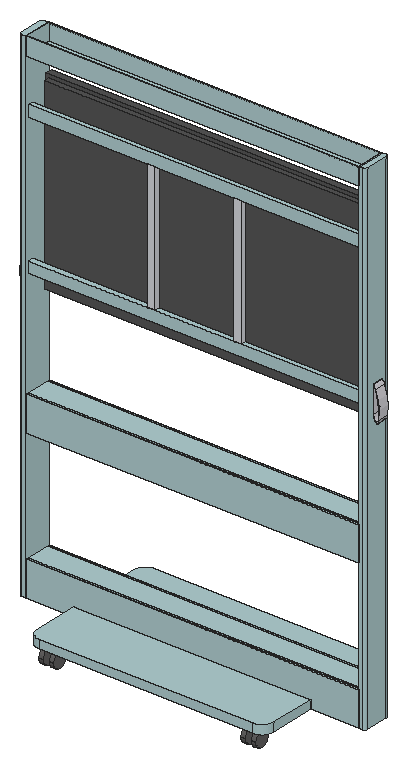
Revit family "okamura_MT20BA00_スプリント_スタンド_モニタースタンド_1200W×500D×1800H", category 家具, Revit 2017
Family settings
  OmniClass 番号 = 23.40.20.00
  OmniClass タイトル = General Furniture and Specialties
  作業面に基づく = いいえ
  常に垂直 = はい
  ロード時にボイドで切り取り = いいえ
  共有 = いいえ
  部屋計算ポイント = いいえ
Parameters (values of type "ZH14（セージ）")
  製造元 = "株式会社オカムラ"
  製品名称 [instance] = "スプリント"  # constant formula
  製品仕様 [instance] = "モニタースタンド 1200W×500D×1800H"  # constant formula
  製品コード/色仕様 = "MT20BA"  # constant formula
  製品コード [instance] = "MT20BA"  # constant formula
  製品カテゴリ = "クリエイティブファニチュア"  # constant formula
  色仕様名称 [instance] = "セージ"
  色仕様コード [instance] = "ZH14"
  本体 = okm_ZH14
  導入日 [instance] = ""
  区分 = "スタンド"  # constant formula
  共通仕様 = ""
  備考 = ""
  シリアルNo [instance] = ""
  キーノート = "12490"
  キャスター = okm_G81
  アセンブリ コード = "E2020200"
  W = 1200.0 mm
  URL = "http://www.okamura.co.jp/"
  Product_URL = ""
  ID [instance] = ""
  H = 1800.0 mm
  D = 500.0 mm
  Copyright [instance] = "©2021.11 okamura Corp."  # constant formula
Types (8, lengths in mm): name | 色仕様名称 | 色仕様コード | 本体
  (no name) | "セージ" | "ZH14" | okm_ZH14
  ZH11（オレンジレッド） | "オレンジレッド" | "ZH11" | okm_ZH11
  ZH12（ダークグリーン） | "ダークグリーン" | "ZH12" | okm_ZH12
  ZH13（イエロー） | "イエロー" | "ZH13" | okm_ZH13
  ZH14（セージ） | "セージ" | "ZH14" | okm_ZH14
  ZH15（ダークグレー） | "ダークグレー" | "ZH15" | okm_ZH15
  Z721（ブラック） | "ブラック" | "Z721" | okm_Z721
  ZC03（ネオホワイト） | "ネオホワイト" | "ZC03" | okm_ZC03
Reference planes
  plane 1 "中心(正面/背面)": y = 0
  plane 2: z = 0
  plane 3 "中心(左/右)": x = 0
  plane 4 "左": x = -600
  plane 5 "右": x = 600
  plane 6 "背面": y = 250
  plane 7 "正面": y = -250
  plane 8 "上": z = 1800
  plane 9: x = -410
  plane 10: x = 410
  plane 11: x = -330
  plane 12: x = 330
  plane 13: x = 380
  plane 14: x = -380
Forms (mm)
  Extrusion 1, solid, material "okm_ZH14" <- "本体"
    sketch origin (0, 0, 0) x (1, 0, 0) y (0, 1, 0)
      loop
        arc (-370, 250) -> (-398.284, 238.284) -> (-410, 210) r 40
        line (-410, 210) -> (-410, -210)
        arc (-410, -210) -> (-398.284, -238.284) -> (-370, -250) r 40
        line (-370, -250) -> (370, -250)
        arc (370, -250) -> (398.284, -238.284) -> (410, -210) r 40
        line (410, -210) -> (410, 210)
        arc (410, 210) -> (398.284, 238.284) -> (370, 250) r 40
        line (370, 250) -> (-370, 250)
    from 57 to 87
  Extrusion 2, solid, material "okm_ZH14" <- "本体"
    sketch origin (0, 0, 0) x (1, 0, 0) y (0, 1, 0)
      loop
        arc (-590, 50) -> (-597.071, 47.071) -> (-600, 40) r 10
        line (-600, 40) -> (-600, -40)
        arc (-600, -40) -> (-597.071, -47.071) -> (-590, -50) r 10
        line (-590, -50) -> (-578, -50) -> (-578, 50) -> (-590, 50)
      loop
        arc (590, -50) -> (597.071, -47.071) -> (600, -40) r 10
        line (600, -40) -> (600, 40)
        arc (600, 40) -> (597.071, 47.071) -> (590, 50) r 10
        line (590, 50) -> (578, 50) -> (578, -50) -> (590, -50)
    from 57 to 1800
  Extrusion 3, solid, material "okm_ZH14" <- "本体"
    sketch origin (0, 0, 0) x (1, 0, 0) y (0, 1, 0)
      loop
        line (578, 50) -> (-578, 50) -> (-578, -50) -> (578, -50) -> (578, 50)
      loop
        line (-576, 48) -> (-576, -48) -> (576, -48) -> (576, 48) -> (-576, 48)
    from 1740 to 1800
  Extrusion 4, solid, material "okm_ZH14" <- "本体"
    sketch origin (0, 0, 2080) x (0, -1, 0) y (1, 0, 0)
      loop
        line (-50, 578) -> (-50, -578) -> (-48, -578) -> (-48, 578) -> (-50, 578)
      loop
        line (50, -578) -> (50, 578) -> (48, 578) -> (48, -578) -> (50, -578)
      loop
        line (-41, -578) -> (41, -578) -> (41, 578) -> (-41, 578) -> (-41, -578)
    from -2023 to -1903
  Extrusion 5, solid, material "okm_Z637"
    sketch origin (0, 0, 0) x (1, 0, 0) y (0, 0, 1)
      loop
        arc (-600, 1121) -> (-602.645, 1119.928) -> (-604.745, 1117.996) r 8
        arc (-604.745, 1117.996) -> (-608.489, 1112.272) -> (-611.417, 1106.09) r 50
        arc (-611.417, 1106.09) -> (-622.819, 1059.621) -> (-621.575, 1011.79) r 180
        arc (-621.575, 1011.79) -> (-620.136, 1006.955) -> (-617.504, 1002.651) r 19.481
        arc (-617.504, 1002.651) -> (-615.843, 1001.737) -> (-614.018, 1002.251) r 2.5
        arc (-614.018, 1002.251) -> (-604.68, 1013.792) -> (-601.342, 1028.257) r 33.015
        line (-601.342, 1028.257) -> (-601.342, 1105.743)
        arc (-601.342, 1105.743) -> (-601.005, 1111.246) -> (-600, 1116.667) r 45.137
        line (-600, 1116.667) -> (-600, 1121)
      loop
        arc (-603.15, 1116.789) -> (-606.745, 1111.294) -> (-609.556, 1105.36) r 48
        arc (-609.556, 1105.36) -> (-620.83, 1059.407) -> (-619.6, 1012.107) r 178
        arc (-619.6, 1012.107) -> (-618.208, 1007.546) -> (-615.635, 1003.53) r 17.481
        arc (-615.635, 1003.53) -> (-606.585, 1014.45) -> (-603.342, 1028.257) r 31.015
        line (-603.342, 1028.257) -> (-603.342, 1105.743)
        arc (-603.342, 1105.743) -> (-602.923, 1112.015) -> (-601.673, 1118.175) r 47.137
        arc (-601.673, 1118.175) -> (-602.471, 1117.545) -> (-603.15, 1116.789) r 6
      loop
        line (600, 1121) -> (600, 1116.667)
        arc (600, 1116.667) -> (601.005, 1111.246) -> (601.342, 1105.743) r 45.137
        line (601.342, 1105.743) -> (601.342, 1028.257)
        arc (601.342, 1028.257) -> (604.68, 1013.792) -> (614.018, 1002.251) r 33.015
        arc (614.018, 1002.251) -> (615.843, 1001.737) -> (617.504, 1002.651) r 2.5
        arc (617.504, 1002.651) -> (620.136, 1006.955) -> (621.575, 1011.79) r 19.481
        arc (621.575, 1011.79) -> (622.819, 1059.621) -> (611.417, 1106.09) r 180
        arc (611.417, 1106.09) -> (608.489, 1112.272) -> (604.745, 1117.996) r 50
        arc (604.745, 1117.996) -> (602.645, 1119.928) -> (600, 1121) r 8
      loop
        arc (603.15, 1116.789) -> (602.471, 1117.545) -> (601.673, 1118.175) r 6
        arc (601.673, 1118.175) -> (602.923, 1112.015) -> (603.342, 1105.743) r 47.137
        line (603.342, 1105.743) -> (603.342, 1028.257)
        arc (603.342, 1028.257) -> (606.585, 1014.45) -> (615.635, 1003.53) r 31.015
        arc (615.635, 1003.53) -> (618.208, 1007.546) -> (619.6, 1012.107) r 17.481
        arc (619.6, 1012.107) -> (620.83, 1059.407) -> (609.556, 1105.36) r 178
        arc (609.556, 1105.36) -> (606.745, 1111.294) -> (603.15, 1116.789) r 48
    from 17.5 to -17.5
  Extrusion 6, solid, material "okm_G81" <- "キャスター"
    sketch origin (0, 0, 0) x (0, 1, 0) y (0, 0, 1)
      loop
        circle (-219, 25) r 25
      loop
        circle (219, 25) r 25
    from 360.5 to 376
  Extrusion 7, solid, material "okm_G81" <- "キャスター"
    sketch origin (700.001, 0, 0) x (0, 1, 0) y (0, 0, -1)
      loop
        circle (-219, -25) r 25
      loop
        circle (219, -25) r 25
    from 360.5 to 376
  Revolve 8, solid, material "okm_G81" <- "キャスター"
    sketch origin (0, -202, 0) x (1, 0, 0) y (0, 0, -1)
      loop
        line (339.504, -17) -> (341.857, -57) -> (350, -57) -> (350, -17) -> (339.504, -17)
      axis (350, -57) -> (350, -17)
    angle from 0 to 360
  Revolve 9, solid, material "okm_G81" <- "キャスター"
    sketch origin (0, 202, 0) x (1, 0, 0) y (0, 0, 1)
      loop
        line (339.504, 17) -> (350, 17) -> (350, 57) -> (341.857, 57) -> (339.504, 17)
      axis (350, 57) -> (350, 17)
    angle from 0 to 360
  Extrusion 10, solid, material "okm_G81" <- "キャスター"
    sketch origin (0, 0, 0) x (0, 1, 0) y (0, 0, -1)
      loop
        circle (-219, -25) r 25
      loop
        circle (219, -25) r 25
    from 360.5 to 376
  Extrusion 11, solid, material "okm_G81" <- "キャスター"
    sketch origin (-700.001, 0, 0) x (0, 1, 0) y (0, 0, 1)
      loop
        circle (-219, 25) r 25
      loop
        circle (219, 25) r 25
    from 360.5 to 376
  Revolve 12, solid, material "okm_G81" <- "キャスター"
    sketch origin (0, -202, 0) x (-1, 0, 0) y (0, 0, 1)
      loop
        line (339.504, 17) -> (350, 17) -> (350, 57) -> (341.857, 57) -> (339.504, 17)
      axis (350, 57) -> (350, 17)
    angle from 0 to 360
  Revolve 13, solid, material "okm_G81" <- "キャスター"
    sketch origin (0, 202, 0) x (-1, 0, 0) y (0, 0, -1)
      loop
        line (339.504, -17) -> (341.857, -57) -> (350, -57) -> (350, -17) -> (339.504, -17)
      axis (350, -57) -> (350, -17)
    angle from 0 to 360
  Extrusion 14, solid, material "okm_ZH14" <- "本体"
    sketch origin (0, 0, 0) x (1, 0, 0) y (0, 1, 0)
      loop
        line (-576, 48) -> (-576, -48) -> (576, -48) -> (576, 48) -> (-576, 48)
      loop
        line (-30.052, 11) -> (-527.052, 11)
        arc (-527.052, 11) -> (-538.052, 0) -> (-527.052, -11) r 11
        line (-527.052, -11) -> (-30.052, -11)
        arc (-30.052, -11) -> (-19.052, 0) -> (-30.052, 11) r 11
      loop
        arc (30.052, 11) -> (19.052, 0) -> (30.052, -11) r 11
        line (30.052, -11) -> (527.052, -11)
        arc (527.052, -11) -> (538.052, 0) -> (527.052, 11) r 11
        line (527.052, 11) -> (30.052, 11)
    from 1742 to 1740
  Extrusion 15, solid, material "okm_ZH14" <- "本体"
    sketch origin (0, 0, 0) x (0, 1, 0) y (0, 0, 1)
      loop
        line (-50, 689.5) -> (-50, 569.5) -> (50, 569.5) -> (50, 689.5) -> (48, 689.5) -> (48, 571.5) -> (41, 571.5) -> (41, 689.5) -> (-41, 689.5) -> (-41, 571.5) -> (-48, 571.5) -> (-48, 689.5) -> (-50, 689.5)
      loop
        line (-25, 1099.5) -> (-40, 1099.5) -> (-40, 1059.5) -> (-25, 1059.5) -> (-25, 1099.5)
      loop
        line (-40, 1584.5) -> (-40, 1544.5) -> (-25, 1544.5) -> (-25, 1584.5) -> (-40, 1584.5)
    from -578 to 578
  Extrusion 16, solid
    sketch origin (0, 0, 0) x (1, 0, 0) y (0, 0, 1)
      loop
        line (-162.7, 1544.5) -> (-162.7, 1099.5) -> (-137.3, 1099.5) -> (-137.3, 1544.5) -> (-162.7, 1544.5)
      loop
        line (137.3, 1099.5) -> (162.7, 1099.5) -> (162.7, 1544.5) -> (137.3, 1544.5) -> (137.3, 1099.5)
    from 25 to 40
Cuts and joins
  joined: Extrusion 1, Extrusion 4
  joined: Extrusion 3, Extrusion 14
Lines and regions (mm)
  Masking region 1
    outline origin (0, 0, 0) x (1, 0, 0) y (0, 1, 0)
      loop
        line (370, 250) -> (-370, 250)
        arc (-370, 250) -> (-398.284, 238.284) -> (-410, 210) r 40
        line (-410, 210) -> (-410, 50) -> (-590, 50)
        arc (-590, 50) -> (-597.071, 47.071) -> (-600, 40) r 10
        line (-600, 40) -> (-600, -40)
        arc (-600, -40) -> (-597.071, -47.071) -> (-590, -50) r 10
        line (-590, -50) -> (-410, -50) -> (-410, -210)
        arc (-410, -210) -> (-398.284, -238.284) -> (-370, -250) r 40
        line (-370, -250) -> (370, -250)
        arc (370, -250) -> (398.284, -238.284) -> (410, -210) r 40
        line (410, -210) -> (410, -50) -> (590, -50)
        arc (590, -50) -> (597.071, -47.071) -> (600, -40) r 10
        line (600, -40) -> (600, 40)
        arc (600, 40) -> (597.071, 47.071) -> (590, 50) r 10
        line (590, 50) -> (410, 50) -> (410, 210)
        arc (410, 210) -> (398.284, 238.284) -> (370, 250) r 40
  symbolic lines, style "okm_標準・詳細", detail levels medium+fine
    curve 1: line (370, 250, 0) -> (-370, 250, 0)
    curve 2: arc (-370, 250, 0) -> (-398.284, 238.284, 0) -> (-410, 210, 0) r 40
    curve 3: line (-410, 210, 0) -> (-410, 50, 0)
    curve 4: arc (410, 210, 0) -> (398.284, 238.284, 0) -> (370, 250, 0) r 40
    curve 5: line (410, -210, 0) -> (410, -50, 0)
    curve 6: arc (370, -250, 0) -> (398.284, -238.284, 0) -> (410, -210, 0) r 40
    curve 7: arc (-410, -210, 0) -> (-398.284, -238.284, 0) -> (-370, -250, 0) r 40
    curve 8: line (-370, -250, 0) -> (370, -250, 0)
    curve 9: line (-590, -50, 0) -> (590, -50, 0)
    curve 10: line (590, 50, 0) -> (-590, 50, 0)
    curve 11: arc (-590, 50, 0) -> (-597.071, 47.071, 0) -> (-600, 40, 0) r 10
    curve 12: line (-600, 40, 0) -> (-600, -40, 0)
    curve 13: arc (-600, -40, 0) -> (-597.071, -47.071, 0) -> (-590, -50, 0) r 10
    curve 14: arc (600, 40, 0) -> (597.071, 47.071, 0) -> (590, 50, 0) r 10
    curve 15: line (600, -40, 0) -> (600, 40, 0)
    curve 16: arc (590, -50, 0) -> (597.071, -47.071, 0) -> (600, -40, 0) r 10
    curve 34: line (410, 50, 0) -> (410, 210, 0)
    curve 36: line (-410, -50, 0) -> (-410, -210, 0)
    curve 45: arc (30.052, -11, 0) -> (19.052, 0, 0) -> (30.052, 11, 0) r 11
    curve 46: arc (527.052, 11, 0) -> (538.052, 0, 0) -> (527.052, -11, 0) r 11
    curve 47: line (30.052, 11, 0) -> (527.052, 11, 0)
    curve 48: line (527.052, -11, 0) -> (30.052, -11, 0)
    curve 49: arc (-30.052, 11, 0) -> (-19.052, 0, 0) -> (-30.052, -11, 0) r 11
    curve 50: arc (-527.052, -11, 0) -> (-538.052, 0, 0) -> (-527.052, 11, 0) r 11
    curve 51: line (-527.052, 11, 0) -> (-30.052, 11, 0)
    curve 52: line (-30.052, -11, 0) -> (-527.052, -11, 0)
  symbolic lines, style "okm_簡略", detail levels coarse
    curve 17: line (370, 250, 0) -> (-370, 250, 0)
    curve 18: arc (-370, 250, 0) -> (-398.284, 238.284, 0) -> (-410, 210, 0) r 40
    curve 19: line (-410, 210, 0) -> (-410, 50, 0)
    curve 20: arc (-410, -210, 0) -> (-398.284, -238.284, 0) -> (-370, -250, 0) r 40
    curve 21: line (-370, -250, 0) -> (370, -250, 0)
    curve 22: arc (370, -250, 0) -> (398.284, -238.284, 0) -> (410, -210, 0) r 40
    curve 23: line (410, -210, 0) -> (410, -50, 0)
    curve 24: arc (410, 210, 0) -> (398.284, 238.284, 0) -> (370, 250, 0) r 40
    curve 25: line (590, 50, 0) -> (-590, 50, 0)
    curve 26: line (-590, -50, 0) -> (590, -50, 0)
    curve 27: arc (590, -50, 0) -> (597.071, -47.071, 0) -> (600, -40, 0) r 10
    curve 28: line (600, -40, 0) -> (600, 40, 0)
    curve 29: arc (600, 40, 0) -> (597.071, 47.071, 0) -> (590, 50, 0) r 10
    curve 30: line (-600, 40, 0) -> (-600, -40, 0)
    curve 31: arc (-590, 50, 0) -> (-597.071, 47.071, 0) -> (-600, 40, 0) r 10
    curve 32: arc (-600, -40, 0) -> (-597.071, -47.071, 0) -> (-590, -50, 0) r 10
    curve 33: line (410, 50, 0) -> (410, 210, 0)
    curve 35: line (-410, -50, 0) -> (-410, -210, 0)
    curve 37: line (-527.052, 11, 0) -> (-30.052, 11, 0)
    curve 38: line (-30.052, -11, 0) -> (-527.052, -11, 0)
    curve 39: arc (-527.052, -11, 0) -> (-538.052, 0, 0) -> (-527.052, 11, 0) r 11
    curve 40: arc (-30.052, 11, 0) -> (-19.052, 0, 0) -> (-30.052, -11, 0) r 11
    curve 41: arc (30.052, -11, 0) -> (19.052, 0, 0) -> (30.052, 11, 0) r 11
    curve 42: line (527.052, -11, 0) -> (30.052, -11, 0)
    curve 43: line (30.052, 11, 0) -> (527.052, 11, 0)
    curve 44: arc (527.052, 11, 0) -> (538.052, 0, 0) -> (527.052, -11, 0) r 11
Dimensions and locks
  equal spacing: plane 4 "左", plane 3 "中心(左/右)", plane 5 "右"
  "W": plane 4 "左" to plane 5 "右"
  equal spacing: plane 7 "正面", plane 1 "中心(正面/背面)", plane 6 "背面"
  "D": plane 7 "正面" to plane 6 "背面"
  "H": plane 8 "上" to level
  aligned and locked: level to plane 2
Automatic sketch dimensions
  curve 12 to plane 4 "左" = 0.0 mm
  curve 35 to plane 9 = 0.0 mm
  plane 7 "正面" to curve 21 = 0.0 mm
  plane 6 "背面" to curve 2 = 0.0 mm
  curve 33 to plane 10 = 0.0 mm
  curve 14 to plane 5 "右" = 0.0 mm
  plane 4 "左" to curve 31 = 10.0 mm
  plane 4 "左" to curve 26 = 10.0 mm
  plane 14 to curve 21 = 10.0 mm
  plane 14 to curve 2 = 10.0 mm
  curve 17 to plane 13 = 10.0 mm
  curve 22 to plane 13 = 10.0 mm
  curve 27 to plane 5 "右" = 10.0 mm
  curve 29 to plane 5 "右" = 10.0 mm
  Extrusion 1 sketch curve to plane 9 = 0.0 mm
  plane 7 "正面" to Extrusion 1 sketch curve = 0.0 mm
  plane 6 "背面" to Extrusion 1 sketch curve = 0.0 mm
  Extrusion 1 sketch curve to plane 10 = 0.0 mm
  plane 14 to Extrusion 1 sketch curve = 10.0 mm  (x2)
  Extrusion 1 sketch curve to plane 13 = 10.0 mm  (x2)
  Extrusion 2 sketch curve to plane 4 "左" = 0.0 mm
  Extrusion 2 sketch curve to plane 5 "右" = 0.0 mm
  plane 4 "左" to Extrusion 2 sketch curve = 10.0 mm  (x2)
  Extrusion 2 sketch curve to Extrusion 2 sketch curve = 12.0 mm
  Extrusion 2 sketch curve to plane 5 "右" = 22.0 mm
  Extrusion 2 sketch curve to plane 5 "右" = 10.0 mm  (x2)
  plane 4 "左" to Extrusion 3 sketch curve = 22.0 mm
  Extrusion 3 sketch curve to Extrusion 3 sketch curve = 2.0 mm  (x4)
  Extrusion 3 sketch curve to plane 5 "右" = 24.0 mm
  Extrusion 4 sketch curve to Extrusion 4 sketch curve = 7.0 mm  (x2)
  plane 4 "左" to Extrusion 4 sketch curve = 22.0 mm
  Extrusion 4 sketch curve to Extrusion 4 sketch curve = 0.0 mm  (x3)
  Extrusion 4 sketch curve to plane 5 "右" = 22.0 mm  (x2)
  Extrusion 6 sketch curve to plane 7 "正面" = 31.0 mm
  plane 6 "背面" to Extrusion 6 sketch curve = 31.0 mm
  level to Extrusion 6 sketch curve = 25.0 mm  (x2)
  Masking region 1 sketch curve to plane 4 "左" = 0.0 mm
  Masking region 1 sketch curve to plane 9 = 0.0 mm  (x2)
  plane 6 "背面" to Masking region 1 sketch curve = 0.0 mm
  plane 7 "正面" to Masking region 1 sketch curve = 0.0 mm
  Masking region 1 sketch curve to plane 10 = 0.0 mm  (x2)
  Masking region 1 sketch curve to plane 5 "右" = 0.0 mm
  plane 4 "左" to Masking region 1 sketch curve = 10.0 mm  (x2)
  plane 14 to Masking region 1 sketch curve = 10.0 mm  (x2)
  Masking region 1 sketch curve to plane 13 = 10.0 mm  (x2)
  Masking region 1 sketch curve to plane 5 "右" = 10.0 mm  (x2)
  Extrusion 7 sketch curve to plane 7 "正面" = 31.0 mm
  plane 6 "背面" to Extrusion 7 sketch curve = 31.0 mm
  level to Extrusion 7 sketch curve = 25.0 mm  (x2)
  Revolve 8 sketch curve to level = 0.0 mm
  plane 12 to Revolve 8 sketch curve = 9.504 mm
  plane 12 to Revolve 8 sketch curve = 11.857 mm
  Revolve 8 sketch curve to Revolve 8 sketch curve = 10.497 mm
  level to Revolve 8 sketch curve = 17.0 mm
  Revolve 8 sketch curve to Revolve 8 sketch curve = 0.0 mm  (x2)
  Revolve 9 sketch curve to level = 0.0 mm
  plane 12 to Revolve 9 sketch curve = 9.504 mm
  plane 12 to Revolve 9 sketch curve = 11.857 mm
  Revolve 9 sketch curve to Revolve 9 sketch curve = 10.497 mm
  level to Revolve 9 sketch curve = 17.0 mm
  Revolve 9 sketch curve to Revolve 9 sketch curve = 0.0 mm  (x2)
  Extrusion 10 sketch curve to plane 7 "正面" = 31.0 mm
  plane 6 "背面" to Extrusion 10 sketch curve = 31.0 mm
  level to Extrusion 10 sketch curve = 25.0 mm  (x2)
  Extrusion 11 sketch curve to plane 7 "正面" = 31.0 mm
  plane 6 "背面" to Extrusion 11 sketch curve = 31.0 mm
  level to Extrusion 11 sketch curve = 25.0 mm  (x2)
  Revolve 12 sketch curve to level = 0.0 mm
  Revolve 12 sketch curve to plane 11 = 9.504 mm
  Revolve 12 sketch curve to plane 11 = 11.857 mm
  Revolve 12 sketch curve to Revolve 12 sketch curve = 10.497 mm
  level to Revolve 12 sketch curve = 17.0 mm
  Revolve 12 sketch curve to Revolve 12 sketch curve = 0.0 mm  (x2)
  Revolve 13 sketch curve to level = 0.0 mm
  Revolve 13 sketch curve to plane 11 = 9.504 mm
  Revolve 13 sketch curve to plane 11 = 11.857 mm
  Revolve 13 sketch curve to Revolve 13 sketch curve = 10.497 mm
  level to Revolve 13 sketch curve = 17.0 mm
  Revolve 13 sketch curve to Revolve 13 sketch curve = 0.0 mm  (x2)
  Extrusion 5 sketch curve to Extrusion 5 sketch curve = 0.0 mm  (x48)
  Extrusion 5 sketch curve to plane 4 "左" = 0.0 mm
  Extrusion 5 sketch curve to plane 5 "右" = 0.0 mm
  Extrusion 5 sketch curve to plane 4 "左" = 1.342 mm
  Extrusion 5 sketch curve to plane 4 "左" = 2.341 mm
  Extrusion 5 sketch curve to Extrusion 5 sketch curve = 2.0 mm  (x2)
  Extrusion 5 sketch curve to plane 4 "左" = 15.558 mm
  Extrusion 5 sketch curve to Extrusion 5 sketch curve = 18.799 mm  (x2)
  plane 4 "左" to Extrusion 5 sketch curve = 1.635 mm
  plane 4 "左" to Extrusion 5 sketch curve = 35.128 mm
  Extrusion 5 sketch curve to Extrusion 5 sketch curve = 8.667 mm  (x2)
  Extrusion 5 sketch curve to plane 9 = 33.854 mm
  plane 10 to Extrusion 5 sketch curve = 33.854 mm
  Extrusion 5 sketch curve to plane 5 "右" = 43.796 mm
  Extrusion 5 sketch curve to plane 5 "右" = 1.635 mm
  plane 5 "右" to Extrusion 5 sketch curve = 1.342 mm
  plane 5 "右" to Extrusion 5 sketch curve = 2.341 mm
  plane 5 "右" to Extrusion 5 sketch curve = 15.558 mm
  Extrusion 5 sketch curve to Extrusion 5 sketch curve = 10.66 mm  (x2)
  Extrusion 5 sketch curve to Extrusion 5 sketch curve = 24.037 mm  (x2)
  Extrusion 5 sketch curve to Extrusion 5 sketch curve = 3.499 mm  (x2)
  Extrusion 5 sketch curve to Extrusion 5 sketch curve = 4.333 mm  (x2)
  Extrusion 5 sketch curve to plane 4 "左" = 1.673 mm
  Extrusion 5 sketch curve to Extrusion 5 sketch curve = 0.077 mm  (x2)
  plane 5 "右" to Extrusion 5 sketch curve = 1.673 mm
  curve 28 to plane 1 "中心(正面/背面)" = 40.0 mm
  plane 1 "中心(正面/背面)" to Extrusion 2 sketch curve = 50.0 mm  (x2)
  Extrusion 2 sketch curve to plane 1 "中心(正面/背面)" = 40.0 mm  (x2)
  plane 1 "中心(正面/背面)" to Extrusion 3 sketch curve = 50.0 mm
  Extrusion 3 sketch curve to plane 1 "中心(正面/背面)" = 48.0 mm
  Extrusion 4 sketch curve to plane 1 "中心(正面/背面)" = 50.0 mm
  Extrusion 4 sketch curve to Extrusion 4 sketch curve = 2.0 mm  (x2)
  plane 1 "中心(正面/背面)" to Extrusion 4 sketch curve = 41.0 mm
  plane 1 "中心(正面/背面)" to Masking region 1 sketch curve = 50.0 mm  (x2)
  Masking region 1 sketch curve to plane 1 "中心(正面/背面)" = 40.0 mm  (x2)
  plane 4 "左" to Extrusion 14 sketch curve = 24.0 mm
  Extrusion 14 sketch curve to plane 1 "中心(正面/背面)" = 0.0 mm  (x2)
  Extrusion 14 sketch curve to Extrusion 14 sketch curve = 48.948 mm
  Extrusion 14 sketch curve to plane 1 "中心(正面/背面)" = 11.0 mm  (x2)
  Extrusion 14 sketch curve to plane 3 "中心(左/右)" = 30.052 mm
  plane 3 "中心(左/右)" to Extrusion 14 sketch curve = 30.052 mm
  Extrusion 14 sketch curve to plane 5 "右" = 72.948 mm
  Extrusion 14 sketch curve to plane 5 "右" = 24.0 mm
  plane 1 "中心(正面/背面)" to Extrusion 14 sketch curve = 48.0 mm
  Extrusion 14 sketch curve to plane 1 "中心(正面/背面)" = 48.0 mm
  plane 1 "中心(正面/背面)" to curve 35 = 50.0 mm
  curve 19 to plane 9 = 0.0 mm
  curve 23 to plane 10 = 0.0 mm
  curve 39 to plane 1 "中心(正面/背面)" = 0.0 mm
  plane 4 "左" to curve 39 = 72.948 mm
  plane 1 "中心(正面/背面)" to curve 38 = 11.0 mm
  curve 38 to plane 3 "中心(左/右)" = 30.052 mm
  plane 1 "中心(正面/背面)" to curve 42 = 11.0 mm
  plane 3 "中心(左/右)" to curve 42 = 30.052 mm
  curve 41 to plane 1 "中心(正面/背面)" = 0.0 mm
  curve 42 to curve 16 = 62.948 mm
  Extrusion 5 sketch curve to plane 8 "上" = 795.78 mm  (x2)
  Extrusion 5 sketch curve to Extrusion 5 sketch curve = 12.087 mm  (x2)
  Extrusion 5 sketch curve to Extrusion 5 sketch curve = 59.57 mm  (x2)
  Extrusion 5 sketch curve to Extrusion 5 sketch curve = 17.916 mm  (x2)
  Revolve 8 sketch curve to Revolve 8 sketch curve = 40.0 mm
  Revolve 9 sketch curve to Revolve 9 sketch curve = 40.0 mm
  Revolve 12 sketch curve to Revolve 12 sketch curve = 40.0 mm
  Revolve 13 sketch curve to Revolve 13 sketch curve = 40.0 mm
  plane 1 "中心(正面/背面)" to Extrusion 15 sketch curve = 50.0 mm
  Extrusion 15 sketch curve to Extrusion 15 sketch curve = 2.0 mm  (x4)
  Extrusion 15 sketch curve to Extrusion 15 sketch curve = 7.0 mm  (x2)
  plane 1 "中心(正面/背面)" to Extrusion 15 sketch curve = 40.0 mm  (x2)
  Extrusion 15 sketch curve to Extrusion 15 sketch curve = 15.0 mm  (x2)
  Extrusion 15 sketch curve to plane 1 "中心(正面/背面)" = 41.0 mm
  level to Extrusion 15 sketch curve = 569.5 mm
  Extrusion 15 sketch curve to Extrusion 15 sketch curve = 118.0 mm
  Extrusion 15 sketch curve to Extrusion 15 sketch curve = 0.0 mm  (x2)
  Extrusion 15 sketch curve to Extrusion 15 sketch curve = 370.0 mm
  Extrusion 15 sketch curve to Extrusion 15 sketch curve = 40.0 mm  (x2)
  Extrusion 15 sketch curve to plane 8 "上" = 255.5 mm
  Extrusion 16 sketch curve to plane 3 "中心(左/右)" = 162.7 mm
  Extrusion 16 sketch curve to Extrusion 16 sketch curve = 25.4 mm  (x2)
  plane 3 "中心(左/右)" to Extrusion 16 sketch curve = 137.3 mm
  Extrusion 16 sketch curve to plane 8 "上" = 700.5 mm
  Extrusion 16 sketch curve to Extrusion 16 sketch curve = 0.0 mm
  Extrusion 16 sketch curve to plane 8 "上" = 255.5 mm  (x2)
  radius of Extrusion 6 sketch curve = 25.0 mm  (x2)
  radius of Extrusion 7 sketch curve = 25.0 mm  (x2)
  radius of Extrusion 10 sketch curve = 25.0 mm  (x2)
  radius of Extrusion 11 sketch curve = 25.0 mm  (x2)
Nested families
  nested 1: "子_モニター" at (0, 0, 991.35), type "子_モニター"
    with 製品名称 "MS92モニタースタンド", 製品仕様 "", 製品コード "", 色仕様名称 "", 色仕様コード "", 導入日 "", シリアルNo "", ID "", Copyright "©2019.10 okamura Corp."
Definition of nested family "子_モニター"
  Parameters (values of type "子_モニター")
    Manufacturer = "株式会社オカムラ"
    製品名称 [instance] = "MS92モニタースタンド"  # constant formula
    製品仕様 [instance] = ""
    製品コード/色仕様 = ""
    製品コード [instance] = ""
    製品カテゴリ = "ワークサポートツール"  # constant formula
    色仕様名称 [instance] = ""
    色仕様コード [instance] = ""
    画面・手すり・タイヤ = none
    導入日 [instance] = ""
    区分 = "モニタースタンド"  # constant formula
    共通仕様 = ""
    備考 = ""
    パネル = none
    シリアルNo [instance] = ""
    Keynote = "12490"
    Assembly Code = "E2020200"
    W = 800.0 mm
    URL = "http://www.okamura.co.jp/"
    Product_URL = ""
    ID [instance] = ""
    H = 800.0 mm
    D = 100.0 mm
    Copyright [instance] = "©2019.10 okamura Corp."  # constant formula
  Reference planes
    plane 1 "中心(正面/背面)": y = 0
    plane 2: z = 0
    plane 3 "中心(左/右)": x = 0
    plane 4 "左": x = -400
    plane 5 "右": x = 400
    plane 6 "背面": y = 50
    plane 7 "正面": y = -50
    plane 8 "上": z = 666.4
  Forms (mm)
    Extrusion 1, solid, material <- "画面・手すり・タイヤ"
      sketch origin (0, 0, -231.35) x (1, 0, 0) y (0, 0, 1)
        loop
          line (-564.85, 897.75) -> (-564.85, 231.35) -> (564.85, 231.35) -> (564.85, 897.75) -> (-564.85, 897.75)
      from -22.5 to -35
    Blend 2, solid, material <- "画面・手すり・タイヤ"
      base sketch origin (0, 0, -231.35) x (1, 0, 0) y (0, 0, 1)
        loop
          line (-564.85, 231.35) -> (-548.35, 247.85) -> (-548.35, 881.25) -> (-564.85, 897.75) -> (-564.85, 231.35)
      top sketch origin (0, 0, -231.35) x (1, 0, 0) y (0, 0, 1)
        loop
          line (-564.85, 897.75) -> (-564.85, 231.35) -> (-540.35, 255.85) -> (-540.35, 873.25) -> (-564.85, 897.75)
      from -47.5 to -35
    Blend 3, solid, material <- "画面・手すり・タイヤ"
      base sketch origin (0, 0, -231.35) x (1, 0, 0) y (0, 0, 1)
        loop
          line (564.85, 897.75) -> (-564.85, 897.75) -> (-540.35, 873.25) -> (540.35, 873.25) -> (564.85, 897.75)
      top sketch origin (0, 0, -231.35) x (1, 0, 0) y (0, 0, 1)
        loop
          line (564.85, 897.75) -> (-564.85, 897.75) -> (-548.35, 881.25) -> (548.35, 881.25) -> (564.85, 897.75)
      from -35 to -47.5
    Extrusion 4, solid, material <- "画面・手すり・タイヤ"
      sketch origin (0, 0, -231.35) x (1, 0, 0) y (0, 0, 1)
        loop
          line (-554.85, 240.95) -> (554.85, 240.95) -> (554.85, 863.25) -> (-554.85, 863.25) -> (-554.85, 240.95)
      from -35 to -2.5
    Extrusion 5, solid, material <- "画面・手すり・タイヤ"
      sketch origin (0, 0, -231.35) x (1, 0, 0) y (0, 0, 1)
        loop
          line (-554.85, 887.75) -> (-554.85, 240.95) -> (554.85, 240.95) -> (554.85, 887.75) -> (-554.85, 887.75)
      from -2.5 to -22.5
    Blend 6, solid, material <- "画面・手すり・タイヤ"
      base sketch origin (0, 0, -122.65) x (-1, 0, 0) y (0, 0, -1)
        loop
          line (-564.85, -122.65) -> (-564.85, -789.05) -> (-548.35, -772.55) -> (-548.35, -139.15) -> (-564.85, -122.65)
      top sketch origin (0, 0, -122.65) x (-1, 0, 0) y (0, 0, -1)
        loop
          line (-564.85, -789.05) -> (-540.35, -764.55) -> (-540.35, -147.15) -> (-564.85, -122.65) -> (-564.85, -789.05)
      from -47.5 to -35
    Blend 7, solid, material <- "画面・手すり・タイヤ"
      base sketch origin (0, 0, 2731.35) x (1, 0, 0) y (0, 0, 1)
        loop
          line (564.85, -2731.35) -> (540.35, -2706.85) -> (-540.35, -2706.85) -> (-564.85, -2731.35) -> (564.85, -2731.35)
      top sketch origin (0, 0, 2731.35) x (1, 0, 0) y (0, 0, 1)
        loop
          line (564.85, -2731.35) -> (548.35, -2714.85) -> (-548.35, -2714.85) -> (-564.85, -2731.35) -> (564.85, -2731.35)
      from -35 to -47.5
  Cuts and joins
    joined: Extrusion 1, Blend 2, Blend 3, Extrusion 4, Extrusion 5
  Dimensions and locks
    equal spacing: plane 4 "左", plane 3 "中心(左/右)", plane 5 "右"
    "W": plane 4 "左" to plane 5 "右"
    equal spacing: plane 7 "正面", plane 1 "中心(正面/背面)", plane 6 "背面"
    "D": plane 7 "正面" to plane 6 "背面"
    aligned and locked: level to plane 2
  Automatic sketch dimensions
    Extrusion 1 sketch curve to plane 4 "左" = 164.85 mm
    plane 5 "右" to Extrusion 1 sketch curve = 164.85 mm
    Extrusion 1 sketch curve to plane 8 "上" = 666.4 mm
    Extrusion 1 sketch curve to plane 8 "上" = 0.0 mm
    Extrusion 4 sketch curve to plane 4 "左" = 154.85 mm
    plane 5 "右" to Extrusion 4 sketch curve = 154.85 mm
    Extrusion 4 sketch curve to plane 8 "上" = 656.8 mm
    Extrusion 4 sketch curve to plane 8 "上" = 34.5 mm
    Extrusion 5 sketch curve to plane 4 "左" = 154.85 mm
    plane 5 "右" to Extrusion 5 sketch curve = 154.85 mm
    Extrusion 5 sketch curve to plane 8 "上" = 656.8 mm
    Extrusion 5 sketch curve to plane 8 "上" = 10.0 mm
    Blend 6 sketch curve to plane 8 "上" = 0.0 mm  (x2)
    Blend 6 sketch curve to plane 5 "右" = 164.85 mm  (x2)
    plane 8 "上" to Blend 6 sketch curve = 16.5 mm
    Blend 6 sketch curve to Blend 6 sketch curve = 16.5 mm
    Blend 6 sketch curve to level = 16.5 mm
    level to Blend 6 sketch curve = 0.0 mm  (x2)
    Blend 6 sketch curve to level = 24.5 mm
    Blend 6 sketch curve to Blend 6 sketch curve = 24.5 mm
    plane 8 "上" to Blend 6 sketch curve = 24.5 mm
    Blend 2 sketch curve to plane 8 "上" = 0.0 mm  (x2)
    Blend 2 sketch curve to plane 4 "左" = 164.85 mm  (x2)
    Blend 2 sketch curve to plane 8 "上" = 16.5 mm
    Blend 2 sketch curve to Blend 2 sketch curve = 16.5 mm
    level to Blend 2 sketch curve = 16.5 mm
    Blend 2 sketch curve to level = 0.0 mm  (x2)
    level to Blend 2 sketch curve = 24.5 mm
    Blend 2 sketch curve to Blend 2 sketch curve = 24.5 mm
    Blend 2 sketch curve to plane 8 "上" = 24.5 mm
    Blend 7 sketch curve to level = 0.0 mm  (x2)
    plane 4 "左" to Blend 7 sketch curve = 164.85 mm  (x2)
    Blend 7 sketch curve to level = 24.5 mm
    Blend 7 sketch curve to Blend 7 sketch curve = 24.5 mm  (x2)
    Blend 7 sketch curve to plane 5 "右" = 140.35 mm
    Blend 7 sketch curve to level = 16.5 mm
    Blend 7 sketch curve to Blend 7 sketch curve = 16.5 mm  (x2)
    Blend 7 sketch curve to plane 5 "右" = 148.35 mm
    Blend 3 sketch curve to plane 8 "上" = 0.0 mm  (x2)
    Blend 3 sketch curve to plane 4 "左" = 164.85 mm  (x2)
    Blend 3 sketch curve to plane 8 "上" = 24.5 mm
    Blend 3 sketch curve to Blend 3 sketch curve = 24.5 mm  (x2)
    plane 5 "右" to Blend 3 sketch curve = 140.35 mm
    Blend 3 sketch curve to plane 8 "上" = 16.5 mm
    Blend 3 sketch curve to Blend 3 sketch curve = 16.5 mm  (x2)
    plane 5 "右" to Blend 3 sketch curve = 148.35 mm
